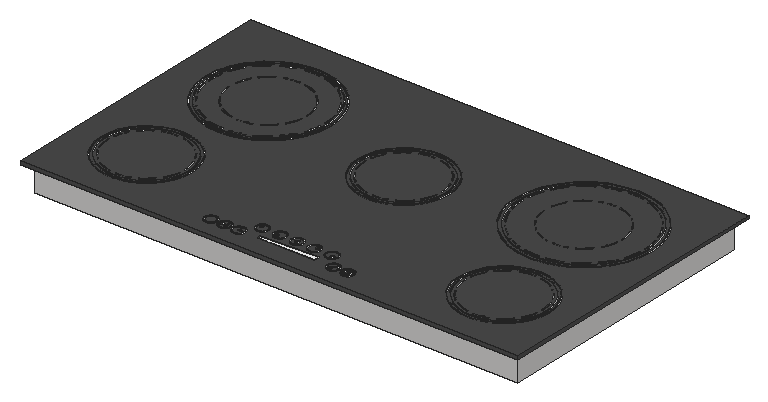
Revit family "QF_Summit_CR5B36T9B_Electric Cooktop", category Specialty Equipment, Revit 2020 (continued)
Lines and regions (in)
  symbolic lines
    curve 439: line (13.56825, -18.81415, 0) -> (13.43965, -18.81415, 0)
    curve 440: arc (14.82037, -19.01629, 0) -> (14.39168, -18.5876, 0) -> (13.96299, -19.01629, 0) r 0.42869
    curve 441: arc (13.96299, -19.01629, 0) -> (14.39168, -19.44498, 0) -> (14.82037, -19.01629, 0) r 0.42869
    curve 442: arc (13.99424, -19.01629, 0) -> (14.39168, -18.61885, 0) -> (14.78912, -19.01629, 0) r 0.39744
    curve 443: arc (14.78912, -19.01629, 0) -> (14.39168, -19.41373, 0) -> (13.99424, -19.01629, 0) r 0.39744
    curve 444: line (14.37411, -18.68294, 0) -> (14.34039, -19.06837, 0)
    curve 445: line (14.34039, -19.06837, 0) -> (14.71907, -19.0016, 0)
    curve 446: line (14.71907, -19.0016, 0) -> (14.40991, -18.97455, 0)
    curve 447: line (14.40991, -18.97455, 0) -> (14.37411, -18.68294, 0)
    curve 448: arc (14.83748, -18.0167, 0) -> (15.26617, -18.44539, 0) -> (15.69486, -18.0167, 0) r 0.42869
    curve 449: arc (15.69486, -18.0167, 0) -> (15.26617, -17.58801, 0) -> (14.83748, -18.0167, 0) r 0.42869
    curve 450: arc (15.66361, -18.0167, 0) -> (15.26617, -18.41414, 0) -> (14.86873, -18.0167, 0) r 0.39744
    curve 451: arc (14.86873, -18.0167, 0) -> (15.26617, -17.61926, 0) -> (15.66361, -18.0167, 0) r 0.39744
    curve 452: arc (14.96978, -17.85461, 0) -> (15.10512, -17.98995, 0) -> (15.24046, -17.85461, 0) r 0.13534
    curve 453: arc (15.24046, -17.85461, 0) -> (15.10512, -17.71928, 0) -> (14.96978, -17.85461, 0) r 0.13534
    curve 454: line (15.763, -19.03275, 0) -> (19.79369, -19.03275, 0)
    curve 455: line (19.79369, -19.03275, 0) -> (19.79369, -18.61535, 0)
    curve 456: line (19.79369, -18.61535, 0) -> (15.763, -18.81753, 0)
    curve 457: line (15.763, -18.81753, 0) -> (15.763, -19.03275, 0)
    curve 458: arc (16.9592, -18.0167, 0) -> (16.53051, -17.58801, 0) -> (16.10182, -18.0167, 0) r 0.42869
    curve 459: arc (16.10182, -18.0167, 0) -> (16.53051, -18.44539, 0) -> (16.9592, -18.0167, 0) r 0.42869
    curve 460: arc (16.13307, -18.0167, 0) -> (16.53051, -17.61926, 0) -> (16.92795, -18.0167, 0) r 0.39744
    curve 461: arc (16.92795, -18.0167, 0) -> (16.53051, -18.41414, 0) -> (16.13307, -18.0167, 0) r 0.39744
    curve 462: arc (16.50479, -18.17878, 0) -> (16.36945, -18.04344, 0) -> (16.23411, -18.17878, 0) r 0.13534
    curve 463: arc (16.23411, -18.17878, 0) -> (16.36945, -18.31411, 0) -> (16.50479, -18.17878, 0) r 0.13534
    curve 464: arc (17.35256, -18.0167, 0) -> (17.75, -17.61926, 0) -> (18.14744, -18.0167, 0) r 0.39744
    curve 465: arc (18.14744, -18.0167, 0) -> (17.75, -18.41414, 0) -> (17.35256, -18.0167, 0) r 0.39744
    curve 466: arc (18.17869, -18.0167, 0) -> (17.75, -17.58801, 0) -> (17.32131, -18.0167, 0) r 0.42869
    curve 467: arc (17.32131, -18.0167, 0) -> (17.75, -18.44539, 0) -> (18.17869, -18.0167, 0) r 0.42869
    curve 468: arc (17.88534, -18.0167, 0) -> (17.75, -17.88136, 0) -> (17.61466, -18.0167, 0) r 0.13534
    curve 469: arc (17.61466, -18.0167, 0) -> (17.75, -18.15203, 0) -> (17.88534, -18.0167, 0) r 0.13534
    curve 470: arc (18.57205, -18.0167, 0) -> (18.96949, -17.61926, 0) -> (19.36693, -18.0167, 0) r 0.39744
    curve 471: arc (19.36693, -18.0167, 0) -> (18.96949, -18.41414, 0) -> (18.57205, -18.0167, 0) r 0.39744
    curve 472: arc (19.39818, -18.0167, 0) -> (18.96949, -17.58801, 0) -> (18.5408, -18.0167, 0) r 0.42869
    curve 473: arc (18.5408, -18.0167, 0) -> (18.96949, -18.44539, 0) -> (19.39818, -18.0167, 0) r 0.42869
    curve 474: arc (18.99521, -17.85461, 0) -> (19.13055, -17.98995, 0) -> (19.26589, -17.85461, 0) r 0.13534
    curve 475: arc (19.26589, -17.85461, 0) -> (19.13055, -17.71928, 0) -> (18.99521, -17.85461, 0) r 0.13534
    curve 476: arc (19.80514, -18.0167, 0) -> (20.23383, -18.44539, 0) -> (20.66252, -18.0167, 0) r 0.42869
    curve 477: arc (20.66252, -18.0167, 0) -> (20.23383, -17.58801, 0) -> (19.80514, -18.0167, 0) r 0.42869
    curve 478: arc (20.63127, -18.0167, 0) -> (20.23383, -18.41414, 0) -> (19.83639, -18.0167, 0) r 0.39744
    curve 479: arc (19.83639, -18.0167, 0) -> (20.23383, -17.61926, 0) -> (20.63127, -18.0167, 0) r 0.39744
    curve 480: arc (20.25954, -18.17878, 0) -> (20.39488, -18.31411, 0) -> (20.53022, -18.17878, 0) r 0.13534
    curve 481: arc (20.53022, -18.17878, 0) -> (20.39488, -18.04344, 0) -> (20.25954, -18.17878, 0) r 0.13534
    curve 482: arc (20.70389, -19.01629, 0) -> (21.13258, -19.44498, 0) -> (21.56127, -19.01629, 0) r 0.42869
    curve 483: arc (21.56127, -19.01629, 0) -> (21.13258, -18.5876, 0) -> (20.70389, -19.01629, 0) r 0.42869
    curve 484: arc (21.53002, -19.01629, 0) -> (21.13258, -19.41373, 0) -> (20.73514, -19.01629, 0) r 0.39744
    curve 485: arc (20.73514, -19.01629, 0) -> (21.13258, -18.61885, 0) -> (21.53002, -19.01629, 0) r 0.39744
    curve 486: line (20.93625, -19.25544, 0) -> (21.29807, -18.89362, 0)
    curve 487: arc (21.29807, -18.89362, 0) -> (21.37311, -18.77455, 0) -> (21.25404, -18.84959, 0) r 0.07216
    curve 488: line (21.25404, -18.84959, 0) -> (20.89222, -19.21141, 0)
    curve 489: line (20.89222, -19.21141, 0) -> (20.93625, -19.25544, 0)
    curve 490: arc (21.72706, -19.01629, 0) -> (22.15575, -19.44498, 0) -> (22.58444, -19.01629, 0) r 0.42869
    curve 491: arc (22.58444, -19.01629, 0) -> (22.15575, -18.5876, 0) -> (21.72706, -19.01629, 0) r 0.42869
    curve 492: arc (22.52194, -19.01629, 0) -> (22.15575, -19.38248, 0) -> (21.78956, -19.01629, 0) r 0.36619
    curve 493: arc (21.78956, -19.01629, 0) -> (22.15575, -18.6501, 0) -> (22.52194, -19.01629, 0) r 0.36619
    curve 494: arc (22.1101, -18.7705, 0) -> (22.15575, -19.26629, 0) -> (22.2014, -18.7705, 0) r 0.25
    curve 495: line (22.2014, -18.7705, 0) -> (22.2014, -18.68315, 0)
    curve 496: line (22.2014, -18.68315, 0) -> (22.1101, -18.68315, 0)
    curve 497: line (22.1101, -18.68315, 0) -> (22.1101, -18.7705, 0)
    curve 498: arc (22.2014, -18.83444, 0) -> (22.15575, -19.20379, 0) -> (22.1101, -18.83444, 0) r 0.1875
    curve 499: line (22.1101, -18.83444, 0) -> (22.1101, -18.96067, 0)
    curve 500: line (22.1101, -18.96067, 0) -> (22.2014, -18.96067, 0)
    curve 501: line (22.2014, -18.96067, 0) -> (22.2014, -18.83444, 0)
Dimensions and locks (in)
  equal spacing: plane 3 "LEFT", plane 7 "Center Y", plane 4 "RIGHT"
  "Length": plane 3 "LEFT" to plane 4 "RIGHT"
  equal spacing: plane 5 "FRONT", plane 8 "Center X", plane 1 "BACK"
  "Depth": plane 5 "FRONT" to plane 1 "BACK"
  "Height": plane 6 "TOP" to level
  plane 10 to plane 9 = 19 1/4"
  plane 11 to plane 12 = 34 1/2"  (x2)
  plane 6 "TOP" to plane 13 = 1/4"
  plane 13 to plane 2 = 1.88"
  plane 11 to plane 3 "LEFT" = 1/2"
  plane 4 "RIGHT" to plane 12 = 1/2"
  plane 4 "RIGHT" to plane 3 "LEFT" = 35 1/2"
  locked: plane 2 to plane 14 at 1
  aligned and locked: level to plane 2
Automatic sketch dimensions
  Extrusion 1 sketch curve to Extrusion 1 sketch curve = 0"  (x10118)
  plane 1 "BACK" to Extrusion 1 sketch curve = 0"
  plane 5 "FRONT" to Extrusion 1 sketch curve = 0"
  Extrusion 1 sketch curve to plane 3 "LEFT" = 0"
  Extrusion 1 sketch curve to plane 11 = 1 187/256"
  Extrusion 1 sketch curve to Extrusion 1 sketch curve = 1/32"  (x16)
  Extrusion 1 sketch curve to Extrusion 1 sketch curve = 0.00839"  (x3)
  Extrusion 1 sketch curve to Extrusion 1 sketch curve = 0.0308"  (x4)
  Extrusion 1 sketch curve to Extrusion 1 sketch curve = 0.13763"  (x3)
  Extrusion 1 sketch curve to Extrusion 1 sketch curve = 0.02935"  (x3)
  Extrusion 1 sketch curve to plane 11 = 1.965"
  Extrusion 1 sketch curve to Extrusion 1 sketch curve = 0.03131"  (x3)
  Extrusion 1 sketch curve to Extrusion 1 sketch curve = 0.03084"
  Extrusion 1 sketch curve to Extrusion 1 sketch curve = 0.0414"
  Extrusion 1 sketch curve to Extrusion 1 sketch curve = 0.03071"
  Extrusion 1 sketch curve to Extrusion 1 sketch curve = 0.03063"
  Extrusion 1 sketch curve to Extrusion 1 sketch curve = 0.15555"  (x3)
  Extrusion 1 sketch curve to Extrusion 1 sketch curve = 0.02726"  (x3)
  Extrusion 1 sketch curve to Extrusion 1 sketch curve = 0.31317"  (x3)
  Extrusion 1 sketch curve to Extrusion 1 sketch curve = 0.08434"
  Extrusion 1 sketch curve to Extrusion 1 sketch curve = 0.02693"  (x2)
  Extrusion 1 sketch curve to Extrusion 1 sketch curve = 0.02974"
  Extrusion 1 sketch curve to Extrusion 1 sketch curve = 0.28425"
  Extrusion 1 sketch curve to Extrusion 1 sketch curve = 0.02828"
  Extrusion 1 sketch curve to Extrusion 1 sketch curve = 0.22941"  (x3)
  Extrusion 1 sketch curve to Extrusion 1 sketch curve = 0.02404"  (x3)
  Extrusion 1 sketch curve to Extrusion 1 sketch curve = 0.19209"
  Extrusion 1 sketch curve to Extrusion 1 sketch curve = 0.40541"
  Extrusion 1 sketch curve to Extrusion 1 sketch curve = 0.02659"
  Extrusion 1 sketch curve to Extrusion 1 sketch curve = 0.02639"
  Extrusion 1 sketch curve to plane 9 = 2.21645"  (x2)
  Extrusion 1 sketch curve to Extrusion 1 sketch curve = 0.62951"  (x2)
  Extrusion 1 sketch curve to Extrusion 1 sketch curve = 0.0222"  (x7)
  Extrusion 1 sketch curve to Extrusion 1 sketch curve = 0.23139"
  Extrusion 1 sketch curve to Extrusion 1 sketch curve = 0.02441"
  Extrusion 1 sketch curve to Extrusion 1 sketch curve = 0.32095"  (x3)
  Extrusion 1 sketch curve to Extrusion 1 sketch curve = 0.01601"  (x3)
  Extrusion 1 sketch curve to Extrusion 1 sketch curve = 0.71045"  (x3)
  Extrusion 1 sketch curve to Extrusion 1 sketch curve = 0.01578"  (x3)
  plane 8 "Center X" to Extrusion 1 sketch curve = 0.77756"
  Extrusion 1 sketch curve to Extrusion 1 sketch curve = 0.62674"
  plane 8 "Center X" to Extrusion 1 sketch curve = 0.79966"
  Extrusion 1 sketch curve to Extrusion 1 sketch curve = 0.0221"  (x2)
  Extrusion 1 sketch curve to Extrusion 1 sketch curve = 1.27517"
  Extrusion 1 sketch curve to Extrusion 1 sketch curve = 0.00828"  (x2)
  Extrusion 1 sketch curve to Extrusion 1 sketch curve = 0.03074"  (x4)
  Extrusion 1 sketch curve to Extrusion 1 sketch curve = 0.12451"  (x2)
  Extrusion 1 sketch curve to Extrusion 1 sketch curve = 0.02942"  (x2)
  Extrusion 1 sketch curve to Extrusion 1 sketch curve = 0.42666"  (x3)
  Extrusion 1 sketch curve to Extrusion 1 sketch curve = 0.01079"  (x3)
  plane 8 "Center X" to Extrusion 1 sketch curve = 0.46768"
  Extrusion 1 sketch curve to Extrusion 1 sketch curve = 0.34417"
  plane 8 "Center X" to Extrusion 1 sketch curve = 0.49268"
  Extrusion 1 sketch curve to Extrusion 1 sketch curve = 0.01874"
  Extrusion 1 sketch curve to plane 10 = 2.64579"
  Extrusion 1 sketch curve to Extrusion 1 sketch curve = 0.73165"
  Extrusion 1 sketch curve to Extrusion 1 sketch curve = 0.16275"  (x2)
  Extrusion 1 sketch curve to Extrusion 1 sketch curve = 0.01859"
  Extrusion 1 sketch curve to Extrusion 1 sketch curve = 0.02724"  (x2)
  Extrusion 1 sketch curve to Extrusion 1 sketch curve = 0.30568"  (x2)
  Extrusion 1 sketch curve to Extrusion 1 sketch curve = 0.02692"  (x2)
  Extrusion 1 sketch curve to Extrusion 1 sketch curve = 0.22019"  (x2)
  Extrusion 1 sketch curve to Extrusion 1 sketch curve = 0.02411"  (x2)
  Extrusion 1 sketch curve to plane 10 = 2.38476"
  Extrusion 1 sketch curve to Extrusion 1 sketch curve = 0.38141"
  Extrusion 1 sketch curve to plane 10 = 2.41189"
  Extrusion 1 sketch curve to Extrusion 1 sketch curve = 0.01551"
  Extrusion 1 sketch curve to plane 9 = 1.6154"  (x2)
  Extrusion 1 sketch curve to Extrusion 1 sketch curve = 0.98255"  (x2)
  Extrusion 1 sketch curve to plane 9 = 1.64629"  (x2)
  Extrusion 1 sketch curve to Extrusion 1 sketch curve = 0.00477"
  plane 8 "Center X" to Extrusion 1 sketch curve = 1.60015"  (x2)
  Extrusion 1 sketch curve to Extrusion 1 sketch curve = 0.61312"  (x2)
  plane 8 "Center X" to Extrusion 1 sketch curve = 1.62419"  (x2)
  Extrusion 1 sketch curve to Extrusion 1 sketch curve = 0.01996"  (x2)
  Extrusion 1 sketch curve to plane 8 "Center X" = 0.04825"
  Extrusion 1 sketch curve to Extrusion 1 sketch curve = 0.89654"
  Extrusion 1 sketch curve to plane 8 "Center X" = 0.01927"
  Extrusion 1 sketch curve to Extrusion 1 sketch curve = 1.40611"
  Extrusion 1 sketch curve to Extrusion 1 sketch curve = 0.42951"  (x3)
  Extrusion 1 sketch curve to Extrusion 1 sketch curve = 0.97809"  (x3)
  plane 8 "Center X" to Extrusion 1 sketch curve = 1.35084"  (x2)
  Extrusion 1 sketch curve to Extrusion 1 sketch curve = 0.33367"  (x2)
  plane 8 "Center X" to Extrusion 1 sketch curve = 1.37772"  (x2)
  Extrusion 1 sketch curve to Extrusion 1 sketch curve = 0.01594"  (x2)
  Extrusion 1 sketch curve to plane 10 = 3.52189"
  Extrusion 1 sketch curve to Extrusion 1 sketch curve = 0.7319"  (x2)
  Extrusion 1 sketch curve to Extrusion 1 sketch curve = 0.01552"  (x2)
  Extrusion 1 sketch curve to plane 8 "Center X" = 0.18633"
  Extrusion 1 sketch curve to Extrusion 1 sketch curve = 0.38987"
  Extrusion 1 sketch curve to plane 8 "Center X" = 0.15628"
  Extrusion 1 sketch curve to Extrusion 1 sketch curve = 0.0086"
  Extrusion 1 sketch curve to plane 10 = 1.99876"
  Extrusion 1 sketch curve to Extrusion 1 sketch curve = 0.90867"
  Extrusion 1 sketch curve to plane 10 = 2.02886"
  Extrusion 1 sketch curve to Extrusion 1 sketch curve = 0.46522"  (x3)
  Extrusion 1 sketch curve to Extrusion 1 sketch curve = 0.00564"  (x3)
  Extrusion 1 sketch curve to Extrusion 1 sketch curve = 0.38892"  (x2)
  Extrusion 1 sketch curve to Extrusion 1 sketch curve = 0.01092"  (x2)
  Extrusion 1 sketch curve to plane 10 = 1.89637"
  Extrusion 1 sketch curve to Extrusion 1 sketch curve = 0.46739"
  Extrusion 1 sketch curve to plane 10 = 1.92726"
  Extrusion 1 sketch curve to Extrusion 1 sketch curve = 0.00473"
  Extrusion 1 sketch curve to plane 9 = 1.78547"  (x2)
  Extrusion 1 sketch curve to Extrusion 1 sketch curve = 0.94381"  (x3)
  Extrusion 1 sketch curve to plane 9 = 1.75617"  (x2)
  Extrusion 1 sketch curve to Extrusion 1 sketch curve = 0.01087"  (x3)
  plane 8 "Center X" to Extrusion 1 sketch curve = 1.00707"  (x2)
  plane 8 "Center X" to Extrusion 1 sketch curve = 1.03785"  (x2)
  Extrusion 1 sketch curve to plane 9 = 1 63/64"  (x2)
  Extrusion 1 sketch curve to Extrusion 1 sketch curve = 0.4222"  (x3)
  Extrusion 1 sketch curve to Extrusion 1 sketch curve = 0.89585"  (x2)
  Extrusion 1 sketch curve to plane 9 = 1.95735"  (x2)
  Extrusion 1 sketch curve to Extrusion 1 sketch curve = 0.01567"  (x3)
  Extrusion 1 sketch curve to Extrusion 1 sketch curve = 0.01584"  (x2)
  Extrusion 1 sketch curve to plane 8 "Center X" = 0.31159"
  Extrusion 1 sketch curve to Extrusion 1 sketch curve = 0.44804"  (x2)
  Extrusion 1 sketch curve to Extrusion 1 sketch curve = 1.01341"  (x2)
  Extrusion 1 sketch curve to Extrusion 1 sketch curve = 0.35772"  (x3)
  Extrusion 1 sketch curve to plane 8 "Center X" = 0.29472"
  Extrusion 1 sketch curve to Extrusion 1 sketch curve = 0.41987"
  Extrusion 1 sketch curve to plane 8 "Center X" = 0.32583"
  Extrusion 1 sketch curve to Extrusion 1 sketch curve = 0.00288"
  Extrusion 1 sketch curve to plane 10 = 1.9049"
  Extrusion 1 sketch curve to plane 10 = 1.87384"
  Extrusion 1 sketch curve to plane 10 = 3.2268"  (x2)
  Extrusion 1 sketch curve to Extrusion 1 sketch curve = 0.38206"  (x2)
  Extrusion 1 sketch curve to plane 10 = 3.19597"  (x2)
  Extrusion 1 sketch curve to Extrusion 1 sketch curve = 0.00512"  (x2)
  Extrusion 1 sketch curve to plane 9 = 2.59847"  (x2)
  Extrusion 1 sketch curve to Extrusion 1 sketch curve = 0.72914"
  Extrusion 1 sketch curve to plane 9 = 2.57629"  (x2)
  Extrusion 1 sketch curve to plane 10 = 1.97204"
  Extrusion 1 sketch curve to Extrusion 1 sketch curve = 0.41256"
  Extrusion 1 sketch curve to plane 10 = 1.9415"
  Extrusion 1 sketch curve to Extrusion 1 sketch curve = 0.00661"
  Extrusion 1 sketch curve to plane 9 = 2.9728"  (x2)
  Extrusion 1 sketch curve to Extrusion 1 sketch curve = 0.26321"  (x2)
  Extrusion 1 sketch curve to Extrusion 1 sketch curve = 0.64469"
  Extrusion 1 sketch curve to plane 9 = 2 245/256"  (x2)
  Extrusion 1 sketch curve to Extrusion 1 sketch curve = 0.02697"  (x3)
  plane 8 "Center X" to Extrusion 1 sketch curve = 1.16104"  (x2)
  Extrusion 1 sketch curve to Extrusion 1 sketch curve = 0.94818"  (x2)
  Extrusion 1 sketch curve to Extrusion 1 sketch curve = 0.02725"  (x2)
  plane 8 "Center X" to Extrusion 1 sketch curve = 1.13167"  (x2)
  Extrusion 1 sketch curve to Extrusion 1 sketch curve = 0.01068"  (x2)
  Extrusion 1 sketch curve to Extrusion 1 sketch curve = 0.19267"  (x2)
  Extrusion 1 sketch curve to Extrusion 1 sketch curve = 0.02944"  (x2)
  Extrusion 1 sketch curve to plane 9 = 3.89338"  (x2)
  Extrusion 1 sketch curve to plane 9 = 3.88808"  (x2)
  Extrusion 1 sketch curve to Extrusion 1 sketch curve = 0.0397"  (x2)
  plane 8 "Center X" to Extrusion 1 sketch curve = 1.35537"  (x2)
  Extrusion 1 sketch curve to Extrusion 1 sketch curve = 0.41946"  (x2)
  plane 8 "Center X" to Extrusion 1 sketch curve = 1.32823"  (x2)
  Extrusion 1 sketch curve to Extrusion 1 sketch curve = 0.0155"  (x2)
  Extrusion 1 sketch curve to plane 10 = 3.56584"  (x2)
  Extrusion 1 sketch curve to plane 10 = 3.53891"  (x2)
  Extrusion 1 sketch curve to plane 8 "Center X" = 0.05229"
  Extrusion 1 sketch curve to plane 8 "Center X" = 0.08153"
  Extrusion 1 sketch curve to plane 10 = 3.79198"  (x2)
  Extrusion 1 sketch curve to Extrusion 1 sketch curve = 0.3269"  (x2)
  Extrusion 1 sketch curve to plane 10 = 3.76764"  (x2)
  Extrusion 1 sketch curve to Extrusion 1 sketch curve = 0.01961"  (x2)
  plane 8 "Center X" to Extrusion 1 sketch curve = 0.11404"
  Extrusion 1 sketch curve to Extrusion 1 sketch curve = 0.38009"
  plane 8 "Center X" to Extrusion 1 sketch curve = 0.08609"
  Extrusion 1 sketch curve to Extrusion 1 sketch curve = 0.01399"
  Extrusion 1 sketch curve to plane 10 = 2.32914"
  Extrusion 1 sketch curve to plane 10 = 2.30136"
  plane 8 "Center X" to Extrusion 1 sketch curve = 1.97282"  (x2)
  plane 8 "Center X" to Extrusion 1 sketch curve = 1.95063"  (x2)
  Extrusion 1 sketch curve to plane 10 = 2.56745"
  Extrusion 1 sketch curve to Extrusion 1 sketch curve = 0.40266"
  Extrusion 1 sketch curve to plane 10 = 2.54153"
  Extrusion 1 sketch curve to Extrusion 1 sketch curve = 0.01745"
  plane 8 "Center X" to Extrusion 1 sketch curve = 2.34492"  (x2)
  Extrusion 1 sketch curve to Extrusion 1 sketch curve = 0.26138"  (x2)
  Extrusion 1 sketch curve to plane 10 = 4.58096"  (x2)
  plane 8 "Center X" to Extrusion 1 sketch curve = 2.32916"  (x2)
  Extrusion 1 sketch curve to Extrusion 1 sketch curve = 0.02698"  (x4)
  Extrusion 1 sketch curve to plane 10 = 4.5657"  (x2)
  Extrusion 1 sketch curve to Extrusion 1 sketch curve = 0.17127"  (x2)
  Extrusion 1 sketch curve to Extrusion 1 sketch curve = 0.02924"  (x2)
  plane 8 "Center X" to Extrusion 1 sketch curve = 0.67565"
  plane 8 "Center X" to Extrusion 1 sketch curve = 0.65349"
  plane 8 "Center X" to Extrusion 1 sketch curve = 3.27266"  (x2)
  plane 8 "Center X" to Extrusion 1 sketch curve = 3.26756"  (x2)
  Extrusion 1 sketch curve to Extrusion 1 sketch curve = 0.03642"  (x2)
  plane 8 "Center X" to Extrusion 1 sketch curve = 1.00099"
  Extrusion 1 sketch curve to Extrusion 1 sketch curve = 0.33335"
  Extrusion 1 sketch curve to plane 10 = 3.19784"
  plane 8 "Center X" to Extrusion 1 sketch curve = 0.97887"
  Extrusion 1 sketch curve to Extrusion 1 sketch curve = 0.02212"
  Extrusion 1 sketch curve to plane 10 = 3.17572"
  Extrusion 1 sketch curve to plane 10 = 3.56102"
  Extrusion 1 sketch curve to Extrusion 1 sketch curve = 0.29386"
  Extrusion 1 sketch curve to plane 10 = 3.54281"
  Extrusion 1 sketch curve to Extrusion 1 sketch curve = 0.02539"
  plane 8 "Center X" to Extrusion 1 sketch curve = 1.82387"
  plane 8 "Center X" to Extrusion 1 sketch curve = 1.80919"
  plane 8 "Center X" to Extrusion 1 sketch curve = 2.25844"
  Extrusion 1 sketch curve to Extrusion 1 sketch curve = 0.19913"
  Extrusion 1 sketch curve to plane 9 = 0.85871"
  Extrusion 1 sketch curve to Extrusion 1 sketch curve = 4.99515"
  Extrusion 1 sketch curve to plane 10 = 4.46629"
  plane 8 "Center X" to Extrusion 1 sketch curve = 2.24713"
  Extrusion 1 sketch curve to Extrusion 1 sketch curve = 0.02913"
  Extrusion 1 sketch curve to plane 10 = 4.4551"
  Extrusion 1 sketch curve to Extrusion 1 sketch curve = 0.14108"
  Extrusion 1 sketch curve to Extrusion 1 sketch curve = 0.03027"
  plane 8 "Center X" to Extrusion 1 sketch curve = 3.26773"
  Extrusion 1 sketch curve to Extrusion 1 sketch curve = 0.02504"
  plane 8 "Center X" to Extrusion 1 sketch curve = 3.26425"
  Extrusion 1 sketch curve to Extrusion 1 sketch curve = 0.76583"
  Extrusion 1 sketch curve to Extrusion 1 sketch curve = 0.23417"
  Extrusion 1 sketch curve to plane 9 = 0.87399"
  Extrusion 1 sketch curve to Extrusion 1 sketch curve = 0.01602"
  Extrusion 1 sketch curve to Extrusion 1 sketch curve = 0.04215"
  Extrusion 1 sketch curve to Extrusion 1 sketch curve = 0.12861"
  Extrusion 1 sketch curve to plane 9 = 0.80663"
  Extrusion 1 sketch curve to Extrusion 1 sketch curve = 0.77213"
  Extrusion 1 sketch curve to plane 9 = 1.19206"
  Extrusion 1 sketch curve to Extrusion 1 sketch curve = 0.03372"
  Extrusion 1 sketch curve to Extrusion 1 sketch curve = 0.05129"
  Extrusion 1 sketch curve to plane 9 = 0.90045"
  Extrusion 1 sketch curve to Extrusion 1 sketch curve = 0.01824"
  Extrusion 1 sketch curve to plane 9 = 0.8734"
  Extrusion 1 sketch curve to Extrusion 1 sketch curve = 0.30916"
  Extrusion 1 sketch curve to Extrusion 1 sketch curve = 4.67378"
  plane 8 "Center X" to Extrusion 1 sketch curve = 2.18525"
  plane 8 "Center X" to Extrusion 1 sketch curve = 2.17997"
  Extrusion 1 sketch curve to Extrusion 1 sketch curve = 0.73101"
  plane 8 "Center X" to Extrusion 1 sketch curve = 0.7623"
  plane 8 "Center X" to Extrusion 1 sketch curve = 0.77304"
  Extrusion 1 sketch curve to Extrusion 1 sketch curve = 0.16105"  (x3)
  plane 8 "Center X" to Extrusion 1 sketch curve = 0.35989"
  plane 8 "Center X" to Extrusion 1 sketch curve = 0.37516"
  plane 8 "Center X" to Extrusion 1 sketch curve = 3.12489"
  plane 8 "Center X" to Extrusion 1 sketch curve = 3.10904"
  Extrusion 1 sketch curve to plane 9 = 1.05747"
  Extrusion 1 sketch curve to Extrusion 1 sketch curve = 0.49683"
  Extrusion 1 sketch curve to plane 8 "Center X" = 0.42608"
  Extrusion 1 sketch curve to plane 8 "Center X" = 0.40388"
  Extrusion 1 sketch curve to plane 8 "Center X" = 0.6677"
  Extrusion 1 sketch curve to plane 8 "Center X" = 0.64087"
  Extrusion 1 sketch curve to Extrusion 1 sketch curve = 0.60645"
  Extrusion 1 sketch curve to plane 8 "Center X" = 1.02713"
  Extrusion 1 sketch curve to plane 8 "Center X" = 0.99625"
  Extrusion 1 sketch curve to Extrusion 1 sketch curve = 1.21949"  (x2)
  plane 7 "Center Y" to Extrusion 1 sketch curve = 2.04369"
  Extrusion 1 sketch curve to plane 8 "Center X" = 0.04406"
  plane 7 "Center Y" to Extrusion 1 sketch curve = 2.10586"
  Extrusion 1 sketch curve to plane 8 "Center X" = 0.06624"
  Extrusion 1 sketch curve to Extrusion 1 sketch curve = 0.02218"  (x2)
  plane 7 "Center Y" to Extrusion 1 sketch curve = 2.36908"
  plane 7 "Center Y" to Extrusion 1 sketch curve = 2.39342"
  plane 7 "Center Y" to Extrusion 1 sketch curve = 2.48383"
  plane 7 "Center Y" to Extrusion 1 sketch curve = 2.58609"
  plane 7 "Center Y" to Extrusion 1 sketch curve = 2.61553"
  plane 7 "Center Y" to Extrusion 1 sketch curve = 2.64488"
  plane 7 "Center Y" to Extrusion 1 sketch curve = 2.70503"
  plane 7 "Center Y" to Extrusion 1 sketch curve = 2.74473"
  plane 7 "Center Y" to Extrusion 1 sketch curve = 3.14222"
  Extrusion 1 sketch curve to Extrusion 1 sketch curve = 0.04403"  (x2)
  Extrusion 1 sketch curve to Extrusion 1 sketch curve = 0.19633"
  Extrusion 1 sketch curve to Extrusion 1 sketch curve = 0.12146"
  Extrusion 1 sketch curve to Extrusion 1 sketch curve = 0.06805"
  Extrusion 1 sketch curve to Extrusion 1 sketch curve = 0.78802"
  Extrusion 1 sketch curve to Extrusion 1 sketch curve = 0.04565"
  Extrusion 1 sketch curve to Extrusion 1 sketch curve = 0.0913"
  plane 7 "Center Y" to Extrusion 1 sketch curve = 6.84227"
  Extrusion 1 sketch curve to Extrusion 1 sketch curve = 0.02781"
  Extrusion 1 sketch curve to Extrusion 1 sketch curve = 0.03105"
  Extrusion 1 sketch curve to Extrusion 1 sketch curve = 0.09801"
  Extrusion 1 sketch curve to Extrusion 1 sketch curve = 0.03033"
  Extrusion 1 sketch curve to Extrusion 1 sketch curve = 13/128"
  Extrusion 1 sketch curve to Extrusion 1 sketch curve = 0.22183"
  Extrusion 1 sketch curve to Extrusion 1 sketch curve = 0.0294"
  Extrusion 1 sketch curve to Extrusion 1 sketch curve = 0.02926"
  Extrusion 1 sketch curve to Extrusion 1 sketch curve = 0.1476"
  Extrusion 1 sketch curve to Extrusion 1 sketch curve = 0.02801"
  plane 8 "Center X" to Extrusion 1 sketch curve = 1.25315"
  Extrusion 1 sketch curve to Extrusion 1 sketch curve = 0.46165"
  plane 8 "Center X" to Extrusion 1 sketch curve = 1.27061"
  Extrusion 1 sketch curve to Extrusion 1 sketch curve = 0.02592"
  plane 8 "Center X" to Extrusion 1 sketch curve = 0.87399"
  Extrusion 1 sketch curve to Extrusion 1 sketch curve = 0.26041"
  Extrusion 1 sketch curve to plane 10 = 3.06292"
  Extrusion 1 sketch curve to Extrusion 1 sketch curve = 0.55615"
  Extrusion 1 sketch curve to plane 10 = 3.0831"
  Extrusion 1 sketch curve to Extrusion 1 sketch curve = 0.02386"
  Extrusion 1 sketch curve to Extrusion 1 sketch curve = 0.30639"
  Extrusion 1 sketch curve to Extrusion 1 sketch curve = 1.63193"
  plane 8 "Center X" to Extrusion 1 sketch curve = 2.78889"
  plane 8 "Center X" to Extrusion 1 sketch curve = 0.13817"
  Extrusion 1 sketch curve to Extrusion 1 sketch curve = 0.77257"
  plane 8 "Center X" to Extrusion 1 sketch curve = 2.79942"
  plane 8 "Center X" to Extrusion 1 sketch curve = 0.16354"
  Extrusion 1 sketch curve to Extrusion 1 sketch curve = 0.01825"
  Extrusion 1 sketch curve to plane 10 = 2.08978"
  Extrusion 1 sketch curve to Extrusion 1 sketch curve = 0.8126"
  Extrusion 1 sketch curve to plane 10 = 2.11686"
  Extrusion 1 sketch curve to Extrusion 1 sketch curve = 1/64"
  Extrusion 1 sketch curve to plane 8 "Center X" = 0.11309"
  Extrusion 1 sketch curve to Extrusion 1 sketch curve = 0.37289"
  Extrusion 1 sketch curve to plane 8 "Center X" = 11/128"
  Extrusion 1 sketch curve to Extrusion 1 sketch curve = 0.01548"
  Extrusion 1 sketch curve to plane 10 = 1.86895"
  Extrusion 1 sketch curve to Extrusion 1 sketch curve = 0.42213"
  Extrusion 1 sketch curve to plane 10 = 1.89759"
  Extrusion 1 sketch curve to Extrusion 1 sketch curve = 0.0125"
  Extrusion 1 sketch curve to Extrusion 1 sketch curve = 5.5206"
  Extrusion 1 sketch curve to plane 8 "Center X" = 0.52297"
  Extrusion 1 sketch curve to plane 8 "Center X" = 0.49291"
  Extrusion 1 sketch curve to plane 9 = 3.40483"
  Extrusion 1 sketch curve to plane 9 = 3.41557"
  Extrusion 1 sketch curve to plane 8 "Center X" = 3.85757"
  Extrusion 1 sketch curve to plane 8 "Center X" = 3.87343"
  Extrusion 1 sketch curve to plane 8 "Center X" = 0.6248"
  Extrusion 1 sketch curve to Extrusion 1 sketch curve = 0.4339"
  Extrusion 1 sketch curve to plane 8 "Center X" = 0.59403"
  Extrusion 1 sketch curve to Extrusion 1 sketch curve = 0.00543"
  Extrusion 1 sketch curve to plane 10 = 1.56337"
  Extrusion 1 sketch curve to plane 10 = 1.59417"
  Extrusion 1 sketch curve to plane 9 = 2.23865"
  Extrusion 1 sketch curve to plane 10 = 1.50926"
  Extrusion 1 sketch curve to Extrusion 1 sketch curve = 0.46186"
  Extrusion 1 sketch curve to plane 10 = 1.54045"
  Extrusion 1 sketch curve to Extrusion 1 sketch curve = 0.00193"
  Extrusion 1 sketch curve to plane 9 = 1.97483"
  Extrusion 1 sketch curve to plane 9 = 2.00167"
  Extrusion 1 sketch curve to plane 8 "Center X" = 2.86967"
  Extrusion 1 sketch curve to plane 8 "Center X" = 2.89665"
  Extrusion 1 sketch curve to plane 8 "Center X" = 0.68034"
  Extrusion 1 sketch curve to plane 8 "Center X" = 0.59392"
  Extrusion 1 sketch curve to Extrusion 1 sketch curve = 0.44241"
  Extrusion 1 sketch curve to plane 8 "Center X" = 0.62469"
  Extrusion 1 sketch curve to Extrusion 1 sketch curve = 0.00544"
  Extrusion 1 sketch curve to plane 10 = 1.60246"
  Extrusion 1 sketch curve to plane 10 = 1.57171"
  Extrusion 1 sketch curve to plane 10 = 1.70955"
  Extrusion 1 sketch curve to Extrusion 1 sketch curve = 0.4519"
  Extrusion 1 sketch curve to plane 10 = 1.67956"
  Extrusion 1 sketch curve to Extrusion 1 sketch curve = 0.00881"
  Extrusion 1 sketch curve to plane 8 "Center X" = 0.28716"
  Extrusion 1 sketch curve to plane 8 "Center X" = 0.31574"
  Extrusion 1 sketch curve to plane 8 "Center X" = 2.56628"
  Extrusion 1 sketch curve to plane 8 "Center X" = 2.53554"
  Extrusion 1 sketch curve to plane 8 "Center X" = 0.07951"
  Extrusion 1 sketch curve to Extrusion 1 sketch curve = 105/256"
  Extrusion 1 sketch curve to plane 8 "Center X" = 0.10661"
  Extrusion 1 sketch curve to Extrusion 1 sketch curve = 0.01556"
  Extrusion 1 sketch curve to plane 10 = 2.14081"
  Extrusion 1 sketch curve to plane 10 = 2.11391"
  Extrusion 1 sketch curve to plane 10 = 2.3606"
  Extrusion 1 sketch curve to Extrusion 1 sketch curve = 0.33577"
  Extrusion 1 sketch curve to plane 10 = 2.33822"
  Extrusion 1 sketch curve to Extrusion 1 sketch curve = 0.02238"
  Extrusion 1 sketch curve to plane 8 "Center X" = 2.89982"
  Extrusion 1 sketch curve to plane 8 "Center X" = 2.87288"
  plane 8 "Center X" to Extrusion 1 sketch curve = 139/256"
  plane 8 "Center X" to Extrusion 1 sketch curve = 0.52088"
  Extrusion 1 sketch curve to plane 8 "Center X" = 3.15042"
  Extrusion 1 sketch curve to plane 8 "Center X" = 3.12822"
  plane 8 "Center X" to Extrusion 1 sketch curve = 0.88435"
  Extrusion 1 sketch curve to Extrusion 1 sketch curve = 0.32273"
  plane 8 "Center X" to Extrusion 1 sketch curve = 0.86218"
  Extrusion 1 sketch curve to Extrusion 1 sketch curve = 0.02217"
  Extrusion 1 sketch curve to plane 10 = 3.11561"
  Extrusion 1 sketch curve to plane 10 = 3.09567"
  Extrusion 1 sketch curve to plane 10 = 3.48031"
  Extrusion 1 sketch curve to Extrusion 1 sketch curve = 0.27163"
  Extrusion 1 sketch curve to plane 10 = 3.46297"
  Extrusion 1 sketch curve to Extrusion 1 sketch curve = 0.026"
  Extrusion 1 sketch curve to plane 8 "Center X" = 3.92236"
  Extrusion 1 sketch curve to plane 8 "Center X" = 3.90706"
  plane 8 "Center X" to Extrusion 1 sketch curve = 1.78019"
  plane 8 "Center X" to Extrusion 1 sketch curve = 1.76637"
  plane 8 "Center X" to Extrusion 1 sketch curve = 2.20371"
  Extrusion 1 sketch curve to Extrusion 1 sketch curve = 0.18182"
  Extrusion 1 sketch curve to plane 10 = 4.43495"
  plane 8 "Center X" to Extrusion 1 sketch curve = 2.19291"
  Extrusion 1 sketch curve to Extrusion 1 sketch curve = 0.02932"
  Extrusion 1 sketch curve to plane 10 = 4.42443"
  Extrusion 1 sketch curve to Extrusion 1 sketch curve = 0.13892"
  Extrusion 1 sketch curve to Extrusion 1 sketch curve = 0.03042"
  plane 8 "Center X" to Extrusion 1 sketch curve = 3.20844"
  Extrusion 1 sketch curve to Extrusion 1 sketch curve = 0.02952"
  plane 8 "Center X" to Extrusion 1 sketch curve = 3.20482"
  Extrusion 1 sketch curve to Extrusion 1 sketch curve = 3.10613"
  Extrusion 1 sketch curve to Extrusion 1 sketch curve = 0.02512"
  Extrusion 1 sketch curve to Extrusion 1 sketch curve = 0.06722"  (x2)
  Extrusion 1 sketch curve to Extrusion 1 sketch curve = 0.16032"
  Extrusion 1 sketch curve to Extrusion 1 sketch curve = 0.02712"  (x2)
  Extrusion 1 sketch curve to Extrusion 1 sketch curve = 0.3418"
  Extrusion 1 sketch curve to Extrusion 1 sketch curve = 0.01673"
  Extrusion 1 sketch curve to Extrusion 1 sketch curve = 0.39385"
  Extrusion 1 sketch curve to Extrusion 1 sketch curve = 0.01098"
  Extrusion 1 sketch curve to Extrusion 1 sketch curve = 0.33276"  (x2)
  Extrusion 1 sketch curve to Extrusion 1 sketch curve = 0.01587"  (x2)
  Extrusion 1 sketch curve to Extrusion 1 sketch curve = 0.4627"
  Extrusion 1 sketch curve to Extrusion 1 sketch curve = 0.43003"
  Extrusion 1 sketch curve to Extrusion 1 sketch curve = 1.38327"
  Extrusion 1 sketch curve to Extrusion 1 sketch curve = 0.01413"  (x2)
  Extrusion 1 sketch curve to Extrusion 1 sketch curve = 0.46305"
  Extrusion 1 sketch curve to Extrusion 1 sketch curve = 0.17947"  (x2)
  Extrusion 1 sketch curve to Extrusion 1 sketch curve = 0.65841"
  Extrusion 1 sketch curve to Extrusion 1 sketch curve = 0.2284"  (x2)
  Extrusion 1 sketch curve to Extrusion 1 sketch curve = 0.49064"
  Extrusion 1 sketch curve to Extrusion 1 sketch curve = 0.00579"
  Extrusion 1 sketch curve to Extrusion 1 sketch curve = 0.41338"  (x3)
  Extrusion 1 sketch curve to Extrusion 1 sketch curve = 0.44536"
  Extrusion 1 sketch curve to Extrusion 1 sketch curve = 0.0053"
  Extrusion 1 sketch curve to Extrusion 1 sketch curve = 0.19892"
  Extrusion 1 sketch curve to Extrusion 1 sketch curve = 0.0293"
  Extrusion 1 sketch curve to Extrusion 1 sketch curve = 0.07612"
  Extrusion 1 sketch curve to Extrusion 1 sketch curve = 2.77589"
  Extrusion 1 sketch curve to Extrusion 1 sketch curve = 0.34485"
  Extrusion 1 sketch curve to Extrusion 1 sketch curve = 0.01586"
  Extrusion 1 sketch curve to Extrusion 1 sketch curve = 0.42791"
  Extrusion 1 sketch curve to Extrusion 1 sketch curve = 0.01527"
  Extrusion 1 sketch curve to Extrusion 1 sketch curve = 0.82833"
  Extrusion 1 sketch curve to plane 9 = 2.02039"
  Extrusion 1 sketch curve to Extrusion 1 sketch curve = 0.16208"  (x6)
  Extrusion 1 sketch curve to Extrusion 1 sketch curve = 0.80083"
  Extrusion 1 sketch curve to Extrusion 1 sketch curve = 0.43657"
  Extrusion 1 sketch curve to plane 9 = 1.19185"
  Extrusion 1 sketch curve to Extrusion 1 sketch curve = 0.08734"
  Extrusion 1 sketch curve to Extrusion 1 sketch curve = 0.18686"
  Extrusion 1 sketch curve to Extrusion 1 sketch curve = 0.05507"
  Extrusion 1 sketch curve to Extrusion 1 sketch curve = 0.06394"
  Extrusion 1 sketch curve to Extrusion 1 sketch curve = 0.02402"
  Extrusion 1 sketch curve to Extrusion 1 sketch curve = 0.04818"
  Extrusion 1 sketch curve to Extrusion 1 sketch curve = 0.12624"
  Extrusion 1 sketch curve to Extrusion 1 sketch curve = 0.04174"
  Extrusion 1 sketch curve to Extrusion 1 sketch curve = 0.05562"
  Extrusion 1 sketch curve to Extrusion 1 sketch curve = 0.01529"
  Extrusion 1 sketch curve to Extrusion 1 sketch curve = 0.12268"
  Extrusion 1 sketch curve to Extrusion 1 sketch curve = 0.21522"
  Extrusion 1 sketch curve to Extrusion 1 sketch curve = 0.12339"
  Extrusion 1 sketch curve to Extrusion 1 sketch curve = 0.17157"
  Extrusion 2 sketch curve to Extrusion 2 sketch curve = 0"  (x11822)
  Extrusion 2 sketch curve to plane 12 = 1.59177"
  Extrusion 2 sketch curve to Extrusion 2 sketch curve = 0.02973"
  Extrusion 2 sketch curve to Extrusion 2 sketch curve = 1/32"  (x19)
  plane 8 "Center X" to Extrusion 2 sketch curve = 3.20844"
  Extrusion 2 sketch curve to Extrusion 2 sketch curve = 0.03104"
  Extrusion 2 sketch curve to plane 10 = 4.89765"
  Extrusion 2 sketch curve to Extrusion 2 sketch curve = 0.08627"
  Extrusion 2 sketch curve to plane 10 = 4.90482"
  Extrusion 2 sketch curve to plane 12 = 1.72619"
  Extrusion 2 sketch curve to plane 9 = 3.88808"  (x2)
  Extrusion 2 sketch curve to Extrusion 2 sketch curve = 0.0089"  (x2)
  Extrusion 2 sketch curve to Extrusion 2 sketch curve = 0.0308"  (x6)
  Extrusion 2 sketch curve to Extrusion 2 sketch curve = 0.10949"
  plane 8 "Center X" to Extrusion 2 sketch curve = 2.19291"
  Extrusion 2 sketch curve to Extrusion 2 sketch curve = 0.21075"
  Extrusion 2 sketch curve to Extrusion 2 sketch curve = 0.02942"  (x3)
  plane 8 "Center X" to Extrusion 2 sketch curve = 2.20371"
  Extrusion 2 sketch curve to Extrusion 2 sketch curve = 0.02932"
  Extrusion 2 sketch curve to plane 9 = 5.28926"  (x2)
  Extrusion 2 sketch curve to Extrusion 2 sketch curve = 0.1292"  (x2)
  Extrusion 2 sketch curve to plane 9 = 5.27879"  (x2)
  Extrusion 2 sketch curve to Extrusion 2 sketch curve = 0.02944"  (x3)
  plane 8 "Center X" to Extrusion 2 sketch curve = 1.76637"
  Extrusion 2 sketch curve to Extrusion 2 sketch curve = 0.15379"
  plane 8 "Center X" to Extrusion 2 sketch curve = 1.78019"
  Extrusion 2 sketch curve to Extrusion 2 sketch curve = 0.02803"
  Extrusion 2 sketch curve to Extrusion 2 sketch curve = 0.16542"  (x2)
  Extrusion 2 sketch curve to plane 9 = 2 245/256"  (x2)
  Extrusion 2 sketch curve to Extrusion 2 sketch curve = 0.30898"  (x2)
  Extrusion 2 sketch curve to Extrusion 2 sketch curve = 0.02725"  (x3)
  Extrusion 2 sketch curve to plane 9 = 2.9728"  (x2)
  Extrusion 2 sketch curve to Extrusion 2 sketch curve = 0.02697"  (x3)
  Extrusion 2 sketch curve to plane 10 = 3.46297"
  Extrusion 2 sketch curve to Extrusion 2 sketch curve = 0.45394"
  Extrusion 2 sketch curve to plane 10 = 3.48031"
  Extrusion 2 sketch curve to Extrusion 2 sketch curve = 0.026"
  Extrusion 2 sketch curve to plane 9 = 2.57629"  (x2)
  Extrusion 2 sketch curve to Extrusion 2 sketch curve = 0.24103"  (x3)
  Extrusion 2 sketch curve to plane 9 = 2.59847"  (x2)
  Extrusion 2 sketch curve to Extrusion 2 sketch curve = 0.02218"  (x5)
  Extrusion 2 sketch curve to plane 10 = 3.09567"
  Extrusion 2 sketch curve to Extrusion 2 sketch curve = 0.24757"
  Extrusion 2 sketch curve to plane 10 = 3.11561"
  Extrusion 2 sketch curve to Extrusion 2 sketch curve = 0.02406"
  plane 8 "Center X" to Extrusion 2 sketch curve = 0.86218"
  Extrusion 2 sketch curve to Extrusion 2 sketch curve = 0.56594"
  plane 8 "Center X" to Extrusion 2 sketch curve = 0.88435"
  Extrusion 2 sketch curve to plane 8 "Center X" = 3.12822"
  Extrusion 2 sketch curve to Extrusion 2 sketch curve = 0.6225"  (x2)
  Extrusion 2 sketch curve to plane 8 "Center X" = 3.15042"
  Extrusion 2 sketch curve to Extrusion 2 sketch curve = 0.0222"  (x8)
  plane 8 "Center X" to Extrusion 2 sketch curve = 0.52088"
  Extrusion 2 sketch curve to Extrusion 2 sketch curve = 0.32279"
  plane 8 "Center X" to Extrusion 2 sketch curve = 139/256"
  Extrusion 2 sketch curve to Extrusion 2 sketch curve = 0.0221"  (x2)
  Extrusion 2 sketch curve to plane 8 "Center X" = 2.87288"
  Extrusion 2 sketch curve to Extrusion 2 sketch curve = 0.34188"  (x3)
  Extrusion 2 sketch curve to plane 9 = 1.95735"  (x2)
  Extrusion 2 sketch curve to plane 8 "Center X" = 2.89982"
  Extrusion 2 sketch curve to Extrusion 2 sketch curve = 0.01584"  (x3)
  Extrusion 2 sketch curve to plane 9 = 1 63/64"  (x2)
  Extrusion 2 sketch curve to Extrusion 2 sketch curve = 1.62676"
  plane 8 "Center X" to Extrusion 2 sketch curve = 3.26756"  (x2)
  Extrusion 2 sketch curve to Extrusion 2 sketch curve = 0.00558"  (x3)
  plane 8 "Center X" to Extrusion 2 sketch curve = 3.27266"  (x2)
  Extrusion 2 sketch curve to Extrusion 2 sketch curve = 0.03083"  (x2)
  Extrusion 2 sketch curve to plane 10 = 2.33822"
  Extrusion 2 sketch curve to plane 10 = 4.93798"  (x2)
  Extrusion 2 sketch curve to plane 10 = 2.3606"
  Extrusion 2 sketch curve to plane 10 = 4.94901"  (x2)
  Extrusion 2 sketch curve to plane 9 = 1.75617"  (x2)
  Extrusion 2 sketch curve to Extrusion 2 sketch curve = 0.41133"  (x3)
  Extrusion 2 sketch curve to plane 9 = 1.78547"  (x2)
  Extrusion 2 sketch curve to Extrusion 2 sketch curve = 0.01087"  (x3)
  Extrusion 2 sketch curve to plane 10 = 4.5657"
  Extrusion 2 sketch curve to Extrusion 2 sketch curve = 0.144"  (x2)
  plane 8 "Center X" to Extrusion 2 sketch curve = 2.32916"  (x2)
  Extrusion 2 sketch curve to plane 10 = 4.58096"
  Extrusion 2 sketch curve to Extrusion 2 sketch curve = 0.02727"  (x2)
  plane 8 "Center X" to Extrusion 2 sketch curve = 2.34492"  (x2)
  Extrusion 2 sketch curve to plane 10 = 2.11391"
  Extrusion 2 sketch curve to Extrusion 2 sketch curve = 0.31987"
  Extrusion 2 sketch curve to plane 10 = 2.14081"
  Extrusion 2 sketch curve to Extrusion 2 sketch curve = 0.0159"
  Extrusion 2 sketch curve to plane 8 "Center X" = 0.10661"
  Extrusion 2 sketch curve to plane 8 "Center X" = 0.07951"
  plane 8 "Center X" to Extrusion 2 sketch curve = 1.95063"  (x2)
  Extrusion 2 sketch curve to Extrusion 2 sketch curve = 0.2392"  (x2)
  plane 8 "Center X" to Extrusion 2 sketch curve = 1.97282"  (x2)
  Extrusion 2 sketch curve to plane 8 "Center X" = 2.53554"
  Extrusion 2 sketch curve to plane 8 "Center X" = 2.56628"
  Extrusion 2 sketch curve to plane 8 "Center X" = 0.31574"
  Extrusion 2 sketch curve to Extrusion 2 sketch curve = 0.39751"
  Extrusion 2 sketch curve to plane 8 "Center X" = 0.28716"
  Extrusion 2 sketch curve to Extrusion 2 sketch curve = 0.01263"
  Extrusion 2 sketch curve to plane 10 = 3.76764"  (x2)
  Extrusion 2 sketch curve to plane 10 = 3.79198"  (x2)
  Extrusion 2 sketch curve to Extrusion 2 sketch curve = 0.46522"  (x3)
  Extrusion 2 sketch curve to Extrusion 2 sketch curve = 0.94381"  (x3)
  Extrusion 2 sketch curve to plane 10 = 3.53891"  (x2)
  Extrusion 2 sketch curve to Extrusion 2 sketch curve = 0.31105"  (x2)
  Extrusion 2 sketch curve to plane 10 = 3.56584"  (x2)
  Extrusion 2 sketch curve to Extrusion 2 sketch curve = 0.01585"  (x2)
  plane 8 "Center X" to Extrusion 2 sketch curve = 1.32823"  (x2)
  plane 8 "Center X" to Extrusion 2 sketch curve = 1.35537"  (x2)
  Extrusion 2 sketch curve to plane 10 = 1.67956"
  Extrusion 2 sketch curve to plane 10 = 1.70955"
  Extrusion 2 sketch curve to plane 9 = 1.64629"  (x2)
  Extrusion 2 sketch curve to Extrusion 2 sketch curve = 0.42951"  (x3)
  Extrusion 2 sketch curve to plane 9 = 1.6154"  (x2)
  Extrusion 2 sketch curve to Extrusion 2 sketch curve = 0.00477"  (x3)
  plane 8 "Center X" to Extrusion 2 sketch curve = 1.13167"  (x2)
  Extrusion 2 sketch curve to Extrusion 2 sketch curve = 0.40878"  (x2)
  plane 8 "Center X" to Extrusion 2 sketch curve = 1.16104"  (x2)
  Extrusion 2 sketch curve to Extrusion 2 sketch curve = 0.01068"  (x2)
  Extrusion 2 sketch curve to plane 10 = 1.57171"
  Extrusion 2 sketch curve to Extrusion 2 sketch curve = 0.44632"
  Extrusion 2 sketch curve to plane 10 = 1.60246"
  Extrusion 2 sketch curve to plane 8 "Center X" = 0.62469"
  Extrusion 2 sketch curve to plane 8 "Center X" = 0.59392"
  Extrusion 2 sketch curve to plane 8 "Center X" = 2.69021"
  Extrusion 2 sketch curve to Extrusion 2 sketch curve = 0.97809"  (x3)
  Extrusion 2 sketch curve to plane 8 "Center X" = 2.66088"
  Extrusion 2 sketch curve to Extrusion 2 sketch curve = 0.01079"  (x3)
  Extrusion 2 sketch curve to plane 10 = 3.19597"  (x2)
  Extrusion 2 sketch curve to plane 10 = 3.2268"  (x2)
  Extrusion 2 sketch curve to plane 8 "Center X" = 0.68034"
  Extrusion 2 sketch curve to Extrusion 2 sketch curve = 0.44241"
  Extrusion 2 sketch curve to Extrusion 2 sketch curve = 0.43746"  (x3)
  Extrusion 2 sketch curve to Extrusion 2 sketch curve = 0.38206"  (x2)
  Extrusion 2 sketch curve to Extrusion 2 sketch curve = 0.01578"  (x3)
  Extrusion 2 sketch curve to plane 9 = 2.00167"  (x2)
  Extrusion 2 sketch curve to plane 9 = 1.97483"  (x2)
  Extrusion 2 sketch curve to Extrusion 2 sketch curve = 0.94818"  (x2)
  Extrusion 2 sketch curve to plane 10 = 1.54045"
  Extrusion 2 sketch curve to plane 10 = 1.50926"
  Extrusion 2 sketch curve to plane 9 = 2.23865"
  Extrusion 2 sketch curve to Extrusion 2 sketch curve = 0.33695"  (x3)
  Extrusion 2 sketch curve to plane 9 = 2.21645"
  plane 8 "Center X" to Extrusion 2 sketch curve = 1.03785"  (x2)
  Extrusion 2 sketch curve to Extrusion 2 sketch curve = 0.44804"  (x2)
  plane 8 "Center X" to Extrusion 2 sketch curve = 1.00707"  (x2)
  Extrusion 2 sketch curve to Extrusion 2 sketch curve = 0.00537"  (x2)
  Extrusion 2 sketch curve to Extrusion 2 sketch curve = 0.72622"  (x3)
  Extrusion 2 sketch curve to Extrusion 2 sketch curve = 0.02404"  (x3)
  Extrusion 2 sketch curve to plane 10 = 1.59417"
  Extrusion 2 sketch curve to Extrusion 2 sketch curve = 0.4638"
  Extrusion 2 sketch curve to plane 10 = 1.56337"
  Extrusion 2 sketch curve to Extrusion 2 sketch curve = 0.00525"
  Extrusion 2 sketch curve to plane 8 "Center X" = 0.59403"
  Extrusion 2 sketch curve to Extrusion 2 sketch curve = 1.07961"
  Extrusion 2 sketch curve to plane 8 "Center X" = 0.6248"
  Extrusion 2 sketch curve to Extrusion 2 sketch curve = 0.25346"  (x3)
  Extrusion 2 sketch curve to Extrusion 2 sketch curve = 0.02693"  (x3)
  Extrusion 2 sketch curve to plane 9 = 3.01769"
  Extrusion 2 sketch curve to Extrusion 2 sketch curve = 1.01341"  (x2)
  Extrusion 2 sketch curve to Extrusion 2 sketch curve = 0.01092"  (x2)
  Extrusion 2 sketch curve to plane 9 = 3.00242"
  Extrusion 2 sketch curve to Extrusion 2 sketch curve = 0.18281"  (x3)
  Extrusion 2 sketch curve to Extrusion 2 sketch curve = 0.02935"  (x3)
  Extrusion 2 sketch curve to plane 8 "Center X" = 0.49291"
  Extrusion 2 sketch curve to Extrusion 2 sketch curve = 0.43933"
  Extrusion 2 sketch curve to plane 8 "Center X" = 0.52297"
  Extrusion 2 sketch curve to Extrusion 2 sketch curve = 0.00857"
  Extrusion 2 sketch curve to Extrusion 2 sketch curve = 0.3401"  (x3)
  Extrusion 2 sketch curve to Extrusion 2 sketch curve = 0.03919"  (x3)
  Extrusion 2 sketch curve to Extrusion 2 sketch curve = 0.39984"  (x2)
  Extrusion 2 sketch curve to Extrusion 2 sketch curve = 0.01552"  (x2)
  plane 8 "Center X" to Extrusion 2 sketch curve = 1.37772"  (x2)
  plane 8 "Center X" to Extrusion 2 sketch curve = 1.35084"  (x2)
  plane 8 "Center X" to Extrusion 2 sketch curve = 1.62419"
  Extrusion 2 sketch curve to Extrusion 2 sketch curve = 0.34962"  (x2)
  Extrusion 2 sketch curve to plane 10 = 1.89759"
  plane 8 "Center X" to Extrusion 2 sketch curve = 1.60015"
  Extrusion 2 sketch curve to Extrusion 2 sketch curve = 0.01996"  (x2)
  Extrusion 2 sketch curve to plane 10 = 1.86895"
  Extrusion 2 sketch curve to Extrusion 2 sketch curve = 0.74742"  (x2)
  Extrusion 2 sketch curve to Extrusion 2 sketch curve = 0.02411"  (x2)
  Extrusion 2 sketch curve to plane 8 "Center X" = 11/128"
  Extrusion 2 sketch curve to plane 8 "Center X" = 0.11309"
  Extrusion 2 sketch curve to plane 10 = 2.11686"
  Extrusion 2 sketch curve to Extrusion 2 sketch curve = 0.43463"
  Extrusion 2 sketch curve to plane 10 = 2.08978"
  Extrusion 2 sketch curve to Extrusion 2 sketch curve = 1/64"
  Extrusion 2 sketch curve to Extrusion 2 sketch curve = 0.2443"  (x2)
  Extrusion 2 sketch curve to Extrusion 2 sketch curve = 0.02692"  (x2)
  plane 8 "Center X" to Extrusion 2 sketch curve = 2.38316"
  plane 8 "Center X" to Extrusion 2 sketch curve = 2.36784"
  plane 8 "Center X" to Extrusion 2 sketch curve = 0.16354"
  Extrusion 2 sketch curve to Extrusion 2 sketch curve = 0.38837"
  Extrusion 2 sketch curve to Extrusion 2 sketch curve = 0.18999"  (x2)
  plane 8 "Center X" to Extrusion 2 sketch curve = 0.13817"
  Extrusion 2 sketch curve to Extrusion 2 sketch curve = 0.01825"
  Extrusion 2 sketch curve to Extrusion 2 sketch curve = 0.3326"  (x2)
  Extrusion 2 sketch curve to Extrusion 2 sketch curve = 0.03074"  (x4)
  Extrusion 2 sketch curve to Extrusion 2 sketch curve = 0.03902"  (x2)
  Extrusion 2 sketch curve to Extrusion 2 sketch curve = 0.03131"  (x3)
  Extrusion 2 sketch curve to plane 10 = 2.73507"
  Extrusion 2 sketch curve to plane 10 = 2.71296"
  Extrusion 2 sketch curve to Extrusion 2 sketch curve = 0.3285"
  plane 8 "Center X" to Extrusion 2 sketch curve = 0.89617"
  Extrusion 2 sketch curve to Extrusion 2 sketch curve = 0.02386"
  plane 8 "Center X" to Extrusion 2 sketch curve = 0.87399"
  Extrusion 2 sketch curve to Extrusion 2 sketch curve = 0.28259"
  Extrusion 2 sketch curve to Extrusion 2 sketch curve = 0.02592"
  Extrusion 2 sketch curve to Extrusion 2 sketch curve = 0.58002"
  Extrusion 2 sketch curve to Extrusion 2 sketch curve = 0.02801"
  Extrusion 2 sketch curve to Extrusion 2 sketch curve = 0.17561"
  Extrusion 2 sketch curve to Extrusion 2 sketch curve = 0.48756"
  Extrusion 2 sketch curve to Extrusion 2 sketch curve = 0.02926"
  Extrusion 2 sketch curve to Extrusion 2 sketch curve = 0.0294"
  Extrusion 2 sketch curve to Extrusion 2 sketch curve = 0.13097"
  Extrusion 2 sketch curve to Extrusion 2 sketch curve = 0.03033"
  Extrusion 2 sketch curve to Extrusion 2 sketch curve = 0.25109"
  Extrusion 2 sketch curve to Extrusion 2 sketch curve = 0.02761"
  Extrusion 2 sketch curve to Extrusion 2 sketch curve = 0.03105"
  plane 7 "Center Y" to Extrusion 2 sketch curve = 2.77598"
  plane 7 "Center Y" to Extrusion 2 sketch curve = 2.73583"
  plane 7 "Center Y" to Extrusion 2 sketch curve = 2.61553"
  plane 7 "Center Y" to Extrusion 2 sketch curve = 2.42067"
  plane 7 "Center Y" to Extrusion 2 sketch curve = 2.39605"
  Extrusion 2 sketch curve to plane 8 "Center X" = 0.06624"
  Extrusion 2 sketch curve to plane 8 "Center X" = 0.04406"
  plane 7 "Center Y" to Extrusion 2 sketch curve = 1.77092"
  Extrusion 2 sketch curve to plane 8 "Center X" = 0.68519"
  Extrusion 2 sketch curve to Extrusion 2 sketch curve = 0.71347"
  Extrusion 2 sketch curve to plane 8 "Center X" = 0.65815"
  Extrusion 2 sketch curve to Extrusion 2 sketch curve = 0.01567"
  Extrusion 2 sketch curve to Extrusion 2 sketch curve = 0.89021"  (x2)
  Extrusion 2 sketch curve to Extrusion 2 sketch curve = 0.00564"  (x2)
  Extrusion 2 sketch curve to plane 8 "Center X" = 0.99625"
  Extrusion 2 sketch curve to plane 8 "Center X" = 1.02713"
  Extrusion 2 sketch curve to plane 8 "Center X" = 0.64087"
  Extrusion 2 sketch curve to plane 8 "Center X" = 0.6677"
  Extrusion 2 sketch curve to plane 8 "Center X" = 0.40388"
  Extrusion 2 sketch curve to plane 8 "Center X" = 0.42608"
  plane 8 "Center X" to Extrusion 2 sketch curve = 0.37516"
  plane 8 "Center X" to Extrusion 2 sketch curve = 0.35989"
  plane 8 "Center X" to Extrusion 2 sketch curve = 0.77304"
  plane 8 "Center X" to Extrusion 2 sketch curve = 0.7623"
  plane 8 "Center X" to Extrusion 2 sketch curve = 2.17997"
  plane 8 "Center X" to Extrusion 2 sketch curve = 2.18525"
  Extrusion 2 sketch curve to Extrusion 2 sketch curve = 4.78225"
  plane 8 "Center X" to Extrusion 2 sketch curve = 3.26425"
  Extrusion 2 sketch curve to Extrusion 2 sketch curve = 0.02523"
  plane 8 "Center X" to Extrusion 2 sketch curve = 3.26773"
  Extrusion 2 sketch curve to Extrusion 2 sketch curve = 0.03106"
  Extrusion 2 sketch curve to plane 10 = 4.90116"
  Extrusion 2 sketch curve to Extrusion 2 sketch curve = 0.09582"
  Extrusion 2 sketch curve to plane 10 = 4.90891"
  Extrusion 2 sketch curve to Extrusion 2 sketch curve = 0.11191"
  plane 8 "Center X" to Extrusion 2 sketch curve = 2.24713"
  Extrusion 2 sketch curve to Extrusion 2 sketch curve = 0.21885"
  Extrusion 2 sketch curve to plane 10 = 4.46629"
  Extrusion 2 sketch curve to Extrusion 2 sketch curve = 0.02918"
  plane 8 "Center X" to Extrusion 2 sketch curve = 2.25844"
  plane 8 "Center X" to Extrusion 2 sketch curve = 1.80919"
  Extrusion 2 sketch curve to Extrusion 2 sketch curve = 0.17154"
  plane 8 "Center X" to Extrusion 2 sketch curve = 1.82387"
  Extrusion 2 sketch curve to Extrusion 2 sketch curve = 0.02759"
  Extrusion 2 sketch curve to plane 10 = 3.54281"
  Extrusion 2 sketch curve to Extrusion 2 sketch curve = 0.46243"
  Extrusion 2 sketch curve to plane 10 = 3.56102"
  Extrusion 2 sketch curve to plane 10 = 3.17572"
  Extrusion 2 sketch curve to Extrusion 2 sketch curve = 0.27174"
  plane 8 "Center X" to Extrusion 2 sketch curve = 0.97887"
  Extrusion 2 sketch curve to plane 10 = 3.19784"
  Extrusion 2 sketch curve to Extrusion 2 sketch curve = 0.02212"
  plane 8 "Center X" to Extrusion 2 sketch curve = 1.00099"
  Extrusion 2 sketch curve to Extrusion 2 sketch curve = 1.27803"
  plane 8 "Center X" to Extrusion 2 sketch curve = 0.65349"
  Extrusion 2 sketch curve to Extrusion 2 sketch curve = 0.33332"
  plane 8 "Center X" to Extrusion 2 sketch curve = 0.67565"
  Extrusion 2 sketch curve to Extrusion 2 sketch curve = 0.02215"
  Extrusion 2 sketch curve to plane 10 = 2.54153"
  Extrusion 2 sketch curve to plane 10 = 2.56745"
  Extrusion 2 sketch curve to plane 10 = 2.30136"
  Extrusion 2 sketch curve to Extrusion 2 sketch curve = 0.38833"
  Extrusion 2 sketch curve to plane 10 = 2.32914"
  Extrusion 2 sketch curve to Extrusion 2 sketch curve = 0.01433"
  plane 8 "Center X" to Extrusion 2 sketch curve = 0.08609"
  plane 8 "Center X" to Extrusion 2 sketch curve = 0.11404"
  Extrusion 2 sketch curve to Extrusion 2 sketch curve = 0.6468"
  Extrusion 2 sketch curve to Extrusion 2 sketch curve = 0.01961"
  Extrusion 2 sketch curve to plane 8 "Center X" = 0.08153"
  Extrusion 2 sketch curve to Extrusion 2 sketch curve = 0.36906"
  Extrusion 2 sketch curve to plane 8 "Center X" = 0.05229"
  Extrusion 2 sketch curve to Extrusion 2 sketch curve = 0.01104"
  Extrusion 2 sketch curve to Extrusion 2 sketch curve = 0.16764"
  Extrusion 2 sketch curve to plane 10 = 1.9415"
  Extrusion 2 sketch curve to plane 10 = 1.97204"
  Extrusion 2 sketch curve to plane 10 = 1.87384"
  Extrusion 2 sketch curve to Extrusion 2 sketch curve = 0.40915"
  Extrusion 2 sketch curve to plane 10 = 1.9049"
  Extrusion 2 sketch curve to Extrusion 2 sketch curve = 0.00341"
  Extrusion 2 sketch curve to plane 8 "Center X" = 0.32583"
  Extrusion 2 sketch curve to plane 8 "Center X" = 0.29472"
  Extrusion 2 sketch curve to plane 8 "Center X" = 0.31159"
  Extrusion 2 sketch curve to Extrusion 2 sketch curve = 0.41987"
  Extrusion 2 sketch curve to plane 10 = 1.92726"
  Extrusion 2 sketch curve to plane 10 = 1.89637"
  Extrusion 2 sketch curve to plane 10 = 2.02886"
  Extrusion 2 sketch curve to Extrusion 2 sketch curve = 0.47212"
  Extrusion 2 sketch curve to plane 10 = 1.99876"
  Extrusion 2 sketch curve to Extrusion 2 sketch curve = 0.00839"
  Extrusion 2 sketch curve to plane 8 "Center X" = 0.15628"
  Extrusion 2 sketch curve to plane 8 "Center X" = 0.18633"
  Extrusion 2 sketch curve to Extrusion 2 sketch curve = 0.0086"
  Extrusion 2 sketch curve to plane 8 "Center X" = 0.01927"
  Extrusion 2 sketch curve to Extrusion 2 sketch curve = 0.39847"
  Extrusion 2 sketch curve to plane 8 "Center X" = 0.04825"
  Extrusion 2 sketch curve to Extrusion 2 sketch curve = 0.01169"
  Extrusion 2 sketch curve to plane 10 = 2.41189"
  Extrusion 2 sketch curve to plane 10 = 2.38476"
  Extrusion 2 sketch curve to Extrusion 2 sketch curve = 0.63308"
  Extrusion 2 sketch curve to Extrusion 2 sketch curve = 0.39692"
  Extrusion 2 sketch curve to Extrusion 2 sketch curve = 0.02724"
  Extrusion 2 sketch curve to Extrusion 2 sketch curve = 0.01859"
  plane 8 "Center X" to Extrusion 2 sketch curve = 0.49268"
  plane 8 "Center X" to Extrusion 2 sketch curve = 0.46768"
